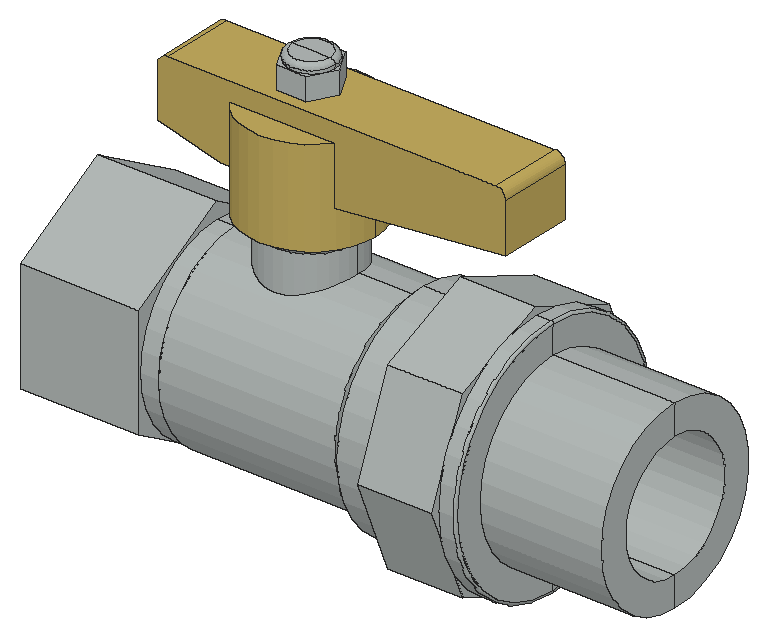
Revit family "QP12200000", category Apparecchi idraulici, Revit 2020
Family settings
  Quota connettore circolare = Usa diametro
  Tipo di parte = Normale
  Numero OmniClass = 23.45.00.00
  Titolo OmniClass = Sanitary, Laundry, and Cleaning Equipment
  Basato su piano di lavoro = No
  Sempre verticale = Sì
  Taglio con vuoti quando caricato = No
  Condiviso = No
  Punto di calcolo locali = No
Parameters
  URL = "https://web.cimberio.com/index.php/figura/691?subcategoria_id="
  Temperatura di esercizio = "-20 ÷ 60°C"
  Prospetto di default = 0 mm
  Produttore = "CIMBERIO SPA"
  Pressione nominale = "MOP 5"
  Modello = "Cim 800FP"
  Materiale = "Prodotto in lega di ottone conforme alla norma EN 12165-CW617N-DW"
  Descrizione = "Utilizzato nell’impiantistica distributiva di gas a bassa pressione per le categorie:\r\nGas naturali: gas derivati dal petrolio (Metano) e gas di ricambio.\r\nGas di città: prodotti secondo i diversi procedimenti (Cracking - Cokerie - ecc.).\r\nGas liquidi: propano e miscele di gas propano/butano"
  DN Model [instance] = QP12201025 : QP12201025
  DN [instance] = 25 mm
  Commenti sul tipo = "Realizzato in ottemperanza ai requisiti gestionali della norma EN ISO 9001.\r\nCollaudato al 100% secondo la normativa EN 12266-1"
Reference planes
  plane 1 "Centro (Fronte/Retro)": y = 0
  plane 2: z = 0
  plane 3 "Centro (Sinistra/Destra)": x = 0
Dimensions and locks
  aligned and locked: level to plane 2
Nested families
  nested 1: "QP12201025" at (0, 0, 0), type <- "DN Model", type "QP12201025"
  nested 2: "QP12201025" at (0, 0, 0), type <- "DN Model", type "QP12201025"
  nested 3: "QP12201025" at (0, 0, 0), type <- "DN Model", type "QP12201025"
Connectors
  piping at (73.072, 0, 0), diameter 25, driven by "DN"
    settings: on nested 1, index 1, connector inside diameter 609.6 mm, connector length 0 mm, flow factor 0, pipe flow 0.0 L/s, pressure drop 0.0 Pa, fitting loss kfactor 0, connector angle 0.00°, fixture units 0, engagement length 0 mm, angle of deflection 0.00°, flow configuration 0, flow direction 0, fitting loss method 0, system type 7, joint type 0, gender type 0, connector reference index -1, connector utility 0, adjustable connector no, is connector primary yes, connector description ""
  piping at (-43, 0, 0), diameter 25, driven by "DN"
    settings: on nested 1, index 2, connector inside diameter 609.6 mm, connector length 0 mm, flow factor 0, pipe flow 0.0 L/s, pressure drop 0.0 Pa, fitting loss kfactor 0, connector angle 0.00°, fixture units 0, engagement length 0 mm, angle of deflection 0.00°, flow configuration 0, flow direction 0, fitting loss method 0, system type 7, joint type 0, gender type 0, connector reference index -1, connector utility 0, adjustable connector no, is connector primary no, connector description ""
Definition of nested family "QP12201025"
  Parameters (values of type "QP12201025")
    URL = ""
    Default Elevation = 0 mm
    Manufacturer = ""
    Pressione nominale = ""
    Model = ""
    Description = ""
    Type Comments = ""
  Reference planes
    plane 1 "Centro (Fronte/Retro)": y = 0
    plane 2: z = 0
    plane 3 "Centro (Sinistra/Destra)": x = 0
  Forms (mm)
    Revolve 1, solid
      sketch origin (0, 0, 0) x (1, 0, 0) y (0, 0, 1)
        loop
          line (-19.1, -19.25) -> (-15.1, -19.25) -> (-15.1, -12.5) -> (-19.1, -12.5) -> (-19.1, -19.25)
        axis (-19.1, 0) -> (-15.1, 0)
      angle from 0 to 360
    Revolve 2, solid
      sketch origin (0, 0, 0) x (1, 0, 0) y (0, 0, 1)
        loop
          line (-15.1, -12.5) -> (-15.1, -19.5) -> (20.25, -19.5) -> (22.572, -21.822) -> (30.072, -21.822) -> (30.072, -12.5) -> (-15.1, -12.5)
        axis (-15.1, 0) -> (30.072, 0)
      angle from 0 to 360
    Revolve 3, solid
      sketch origin (0, 0, 0) x (1, 0, 0) y (0, 0, 1)
        loop
          line (45.072, 12.5) -> (73.072, 12.5) -> (73.072, 18.5) -> (48.572, 18.5) -> (48.572, 23.982)
          arc (48.572, 23.982) -> (48.42, 24.348) -> (48.053, 24.5) r 0.518
          line (48.053, 24.5) -> (45.072, 24.5) -> (45.072, 12.5)
        axis (45.072, 0) -> (73.072, 0)
      angle from 0 to 360
    Extrusion 4, solid
      sketch origin (0, 0, 0) x (0, 1, 0) y (0, 0, 1)
        loop
          circle (0, 0) r 12.5
        loop
          line (0, 22.4) -> (-19.399, 11.2) -> (-19.399, -11.2) -> (0, -22.4) -> (19.399, -11.2) -> (19.399, 11.2) -> (0, 22.4)
      from -43 to -19.1
    Extrusion 5, solid
      sketch origin (0, 0, 0) x (0, 1, 0) y (0, 0, 1)
        loop
          circle (0, 0) r 12.5
        loop
          line (0, 26) -> (-18.385, 18.385) -> (-26, 0) -> (-18.385, -18.385) -> (0, -26) -> (18.385, -18.385) -> (26, 0) -> (18.385, 18.385) -> (0, 26)
      from 30.072 to 45.072
    Revolve 6, solid
      sketch origin (0, 0, 0) x (1, 0, 0) y (0, 0, 1)
        loop
          line (9.381, 8.36) -> (9.381, 24.997)
          arc (9.381, 24.997) -> (9.751, 25.363) -> (9.887, 25.866) r 1
          line (9.887, 25.866) -> (9.887, 34.078) -> (-0.067, 34.078) -> (-0.067, 8.36) -> (9.381, 8.36)
        axis (-0.067, 34.078) -> (-0.067, 8.36)
      angle from 0 to 360
    Revolve 7, solid
      sketch origin (0, 0, 5.8) x (1, 0, 0) y (0, 0, 1)
        loop
          line (3.75, 50.5) -> (0, 50.5) -> (0, 48.506) -> (4.75, 48.506) -> (4.75, 49.5)
          arc (4.75, 49.5) -> (4.457, 50.207) -> (3.75, 50.5) r 1
        axis (0, 50.5) -> (0, 48.506)
      angle from 0 to 360
    Revolve 8, solid
      sketch origin (0, 0, 5.8) x (1, 0, 0) y (0, 0, 1)
        loop
          line (12.901, 21.5) -> (12.901, 40.792) -> (0, 40.792) -> (0, 21.5) -> (12.901, 21.5)
        axis (0, 21.5) -> (0, 40.792)
      angle from 0 to 360
    Extrusion 9, solid
      sketch origin (0, 0, 5.8) x (1, 0, 0) y (0, 0, 1)
        loop
          line (-25, 32.5) -> (-12.266, 29.104) -> (11.043, 29.104) -> (45, 32.5) -> (45, 42.5)
          arc (45, 42.5) -> (44.414, 43.914) -> (43, 44.5) r 2
          line (43, 44.5) -> (-23, 44.5)
          arc (-23, 44.5) -> (-24.414, 43.914) -> (-25, 42.5) r 2
          line (-25, 42.5) -> (-25, 32.5)
      from -7.439 to 7.439
    Extrusion 10, solid
      sketch origin (-23, 0, 50.3) x (1, 0, 0) y (0, 1, 0)
        loop
          line (28.769, 0) -> (25.885, 4.996) -> (20.115, 4.996) -> (17.231, 0) -> (20.115, -4.996) -> (25.885, -4.996) -> (28.769, 0)
      from 0 to 4.5
  Dimensions and locks
    aligned and locked: level to plane 2
